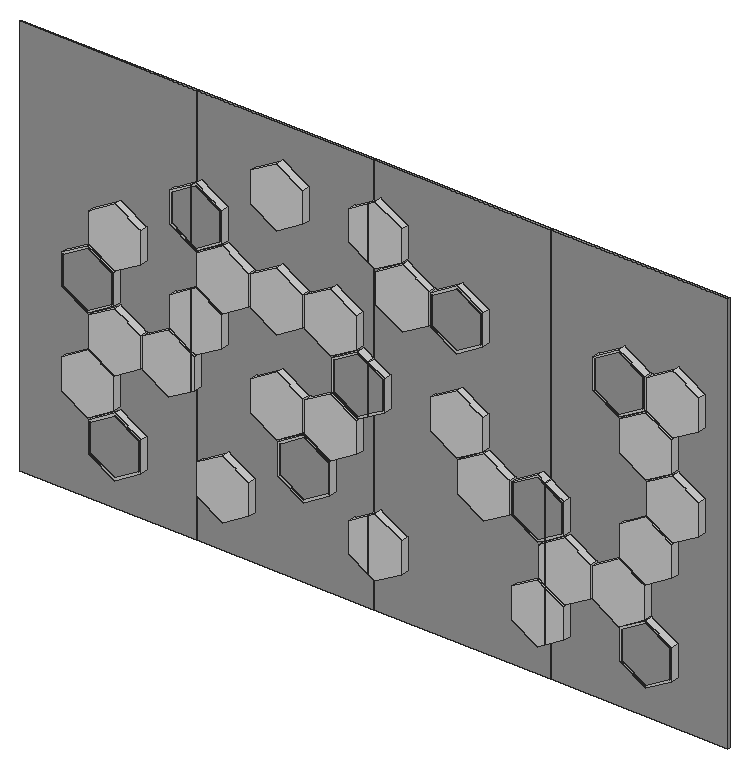
Revit family "SUR-FPG-035_HONEYCOMB_RFA", category Modelos genéricos, Revit 2022 (continued)
Forms (in)
  Extrusion 308, solid, not visible
    sketch origin (-32.38338, 0.00149, -1.20924) x (0, 1, 0) y (0, 0, -1)
      loop
        line (0.96881, 1.14538) -> (0.96881, -1.85462) -> (0.65631, -1.85462) -> (0.65631, -2.35462) -> (0.96881, -2.35462) -> (3.48948, -2.35462) -> (3.48948, -0.60462) -> (4.19814, -0.60462) -> (4.19814, -2.35462) -> (9.23948, -2.35462) -> (9.23948, -0.60462) -> (9.94814, -0.60462) -> (9.94814, -2.35462) -> (14.98948, -2.35462) -> (14.98948, -0.60462) -> (15.69814, -0.60462) -> (15.69814, -2.35462) -> (20.73948, -2.35462) -> (20.73948, -0.60462) -> (21.44814, -0.60462) -> (21.44814, -2.35462) -> (24.28131, -2.35462) -> (24.28131, -1.85462) -> (23.96881, -1.85462) -> (23.96881, 1.14538) -> (0.96881, 1.14538)
    from -3.96341 to -3.49097
  Extrusion 309, solid, not visible
    sketch origin (-26.63338, 0.00149, -1.20924) x (0, 1, 0) y (0, 0, -1)
      loop
        line (0.96881, 1.14538) -> (0.96881, -1.85462) -> (0.65631, -1.85462) -> (0.65631, -2.35462) -> (0.96881, -2.35462) -> (3.48948, -2.35462) -> (3.48948, -0.60462) -> (4.19814, -0.60462) -> (4.19814, -2.35462) -> (9.23948, -2.35462) -> (9.23948, -0.60462) -> (9.94814, -0.60462) -> (9.94814, -2.35462) -> (14.98948, -2.35462) -> (14.98948, -0.60462) -> (15.69814, -0.60462) -> (15.69814, -2.35462) -> (20.73948, -2.35462) -> (20.73948, -0.60462) -> (21.44814, -0.60462) -> (21.44814, -2.35462) -> (24.28131, -2.35462) -> (24.28131, -1.85462) -> (23.96881, -1.85462) -> (23.96881, 1.14538) -> (0.96881, 1.14538)
    from -3.96341 to -3.49097
  Extrusion 310, solid, not visible
    sketch origin (-44, 0, 0) x (1, 0, 0) y (0, 0, 1)
      loop
        line (0.96881, 0.64538) -> (0.96881, -2.35462) -> (3.48948, -2.35462) -> (3.48948, -0.60462) -> (4.19814, -0.60462) -> (4.19814, -2.35462) -> (9.23948, -2.35462) -> (9.23948, -0.60462) -> (9.94814, -0.60462) -> (9.94814, -2.35462) -> (14.98948, -2.35462) -> (14.98948, -0.60462) -> (15.69814, -0.60462) -> (15.69814, -2.35462) -> (20.73948, -2.35462) -> (20.73948, -0.60462) -> (21.44814, -0.60462) -> (21.44814, -2.35462) -> (23.96881, -2.35462) -> (23.96881, 0.64538) -> (24.28131, 0.64538) -> (24.28131, 1.14538) -> (0.65631, 1.14538) -> (0.65631, 0.64538) -> (0.96881, 0.64538)
    from -3.60908 to -3.49097
  Extrusion 311, solid, not visible
    sketch origin (-44, 0, 0) x (1, 0, 0) y (0, 0, 1)
      loop
        line (0.96881, 0.64538) -> (0.96881, -2.35462) -> (3.48948, -2.35462) -> (3.48948, -0.60462) -> (4.19814, -0.60462) -> (4.19814, -2.35462) -> (9.23948, -2.35462) -> (9.23948, -0.60462) -> (9.94814, -0.60462) -> (9.94814, -2.35462) -> (14.98948, -2.35462) -> (14.98948, -0.60462) -> (15.69814, -0.60462) -> (15.69814, -2.35462) -> (20.73948, -2.35462) -> (20.73948, -0.60462) -> (21.44814, -0.60462) -> (21.44814, -2.35462) -> (23.96881, -2.35462) -> (23.96881, 0.64538) -> (24.28131, 0.64538) -> (24.28131, 1.14538) -> (0.65631, 1.14538) -> (0.65631, 0.64538) -> (0.96881, 0.64538)
    from -4.08152 to -3.60908
  Extrusion 312, solid, not visible
    sketch origin (-44, 0, 0) x (1, 0, 0) y (0, 0, 1)
      loop
        line (0.96881, 0.64538) -> (0.96881, -2.35462) -> (3.48948, -2.35462) -> (3.48948, -0.60462) -> (4.19814, -0.60462) -> (4.19814, -2.35462) -> (9.23948, -2.35462) -> (9.23948, -0.60462) -> (9.94814, -0.60462) -> (9.94814, -2.35462) -> (14.98948, -2.35462) -> (14.98948, -0.60462) -> (15.69814, -0.60462) -> (15.69814, -2.35462) -> (20.73948, -2.35462) -> (20.73948, -0.60462) -> (21.44814, -0.60462) -> (21.44814, -2.35462) -> (23.96881, -2.35462) -> (23.96881, 0.64538) -> (24.28131, 0.64538) -> (24.28131, 1.14538) -> (0.65631, 1.14538) -> (0.65631, 0.64538) -> (0.96881, 0.64538)
    from -4.19963 to -4.08152
  Extrusion 313, solid, not visible
    sketch origin (-44.00149, 0.00149, -1.20924) x (0, 1, 0) y (0, 0, -1)
      loop
        line (0.96881, 1.14538) -> (0.96881, -1.85462) -> (0.65631, -1.85462) -> (0.65631, -2.35462) -> (0.96881, -2.35462) -> (3.48948, -2.35462) -> (3.48948, -0.60462) -> (4.19814, -0.60462) -> (4.19814, -2.35462) -> (9.23948, -2.35462) -> (9.23948, -0.60462) -> (9.94814, -0.60462) -> (9.94814, -2.35462) -> (14.98948, -2.35462) -> (14.98948, -0.60462) -> (15.69814, -0.60462) -> (15.69814, -2.35462) -> (20.73948, -2.35462) -> (20.73948, -0.60462) -> (21.44814, -0.60462) -> (21.44814, -2.35462) -> (24.28131, -2.35462) -> (24.28131, -1.85462) -> (23.96881, -1.85462) -> (23.96881, 1.14538) -> (0.96881, 1.14538)
    from -3.60908 to -3.49097
  Extrusion 314, solid, not visible
    sketch origin (-43.88338, 0.00149, -1.20924) x (0, 1, 0) y (0, 0, -1)
      loop
        line (0.96881, 1.14538) -> (0.96881, -1.85462) -> (0.65631, -1.85462) -> (0.65631, -2.35462) -> (0.96881, -2.35462) -> (3.48948, -2.35462) -> (3.48948, -0.60462) -> (4.19814, -0.60462) -> (4.19814, -2.35462) -> (9.23948, -2.35462) -> (9.23948, -0.60462) -> (9.94814, -0.60462) -> (9.94814, -2.35462) -> (14.98948, -2.35462) -> (14.98948, -0.60462) -> (15.69814, -0.60462) -> (15.69814, -2.35462) -> (20.73948, -2.35462) -> (20.73948, -0.60462) -> (21.44814, -0.60462) -> (21.44814, -2.35462) -> (24.28131, -2.35462) -> (24.28131, -1.85462) -> (23.96881, -1.85462) -> (23.96881, 1.14538) -> (0.96881, 1.14538)
    from -3.96341 to -3.49097
  Extrusion 315, solid, not visible
    sketch origin (-44.00149, 0.00149, -1.20924) x (0, 1, 0) y (0, 0, -1)
      loop
        line (0.96881, 1.14538) -> (0.96881, -1.85462) -> (0.65631, -1.85462) -> (0.65631, -2.35462) -> (0.96881, -2.35462) -> (3.48948, -2.35462) -> (3.48948, -0.60462) -> (4.19814, -0.60462) -> (4.19814, -2.35462) -> (9.23948, -2.35462) -> (9.23948, -0.60462) -> (9.94814, -0.60462) -> (9.94814, -2.35462) -> (14.98948, -2.35462) -> (14.98948, -0.60462) -> (15.69814, -0.60462) -> (15.69814, -2.35462) -> (20.73948, -2.35462) -> (20.73948, -0.60462) -> (21.44814, -0.60462) -> (21.44814, -2.35462) -> (24.28131, -2.35462) -> (24.28131, -1.85462) -> (23.96881, -1.85462) -> (23.96881, 1.14538) -> (0.96881, 1.14538)
    from -4.19963 to -4.08152
  Extrusion 316, solid, not visible
    sketch origin (-44, 0, 0) x (1, 0, 0) y (0, 0, 1)
      loop
        line (0.96881, 0.64538) -> (0.96881, -2.35462) -> (3.48948, -2.35462) -> (3.48948, -0.60462) -> (4.19814, -0.60462) -> (4.19814, -2.35462) -> (9.23948, -2.35462) -> (9.23948, -0.60462) -> (9.94814, -0.60462) -> (9.94814, -2.35462) -> (14.98948, -2.35462) -> (14.98948, -0.60462) -> (15.69814, -0.60462) -> (15.69814, -2.35462) -> (20.73948, -2.35462) -> (20.73948, -0.60462) -> (21.44814, -0.60462) -> (21.44814, -2.35462) -> (23.96881, -2.35462) -> (23.96881, 0.64538) -> (24.28131, 0.64538) -> (24.28131, 1.14538) -> (0.65631, 1.14538) -> (0.65631, 0.64538) -> (0.96881, 0.64538)
    from -9.94963 to -9.83152
  Extrusion 317, solid, not visible
    sketch origin (-44, 0, 0) x (1, 0, 0) y (0, 0, 1)
      loop
        line (0.96881, 0.64538) -> (0.96881, -2.35462) -> (3.48948, -2.35462) -> (3.48948, -0.60462) -> (4.19814, -0.60462) -> (4.19814, -2.35462) -> (9.23948, -2.35462) -> (9.23948, -0.60462) -> (9.94814, -0.60462) -> (9.94814, -2.35462) -> (14.98948, -2.35462) -> (14.98948, -0.60462) -> (15.69814, -0.60462) -> (15.69814, -2.35462) -> (20.73948, -2.35462) -> (20.73948, -0.60462) -> (21.44814, -0.60462) -> (21.44814, -2.35462) -> (23.96881, -2.35462) -> (23.96881, 0.64538) -> (24.28131, 0.64538) -> (24.28131, 1.14538) -> (0.65631, 1.14538) -> (0.65631, 0.64538) -> (0.96881, 0.64538)
    from -9.35908 to -9.24097
  Extrusion 318, solid, not visible
    sketch origin (-44, 0, 0) x (1, 0, 0) y (0, 0, 1)
      loop
        line (0.96881, 0.64538) -> (0.96881, -2.35462) -> (3.48948, -2.35462) -> (3.48948, -0.60462) -> (4.19814, -0.60462) -> (4.19814, -2.35462) -> (9.23948, -2.35462) -> (9.23948, -0.60462) -> (9.94814, -0.60462) -> (9.94814, -2.35462) -> (14.98948, -2.35462) -> (14.98948, -0.60462) -> (15.69814, -0.60462) -> (15.69814, -2.35462) -> (20.73948, -2.35462) -> (20.73948, -0.60462) -> (21.44814, -0.60462) -> (21.44814, -2.35462) -> (23.96881, -2.35462) -> (23.96881, 0.64538) -> (24.28131, 0.64538) -> (24.28131, 1.14538) -> (0.65631, 1.14538) -> (0.65631, 0.64538) -> (0.96881, 0.64538)
    from -9.83152 to -9.35908
  Extrusion 319, solid, not visible
    sketch origin (-44, 0, 0) x (1, 0, 0) y (0, 0, 1)
      loop
        line (0.96881, 0.64538) -> (0.96881, -2.35462) -> (3.48948, -2.35462) -> (3.48948, -0.60462) -> (4.19814, -0.60462) -> (4.19814, -2.35462) -> (9.23948, -2.35462) -> (9.23948, -0.60462) -> (9.94814, -0.60462) -> (9.94814, -2.35462) -> (14.98948, -2.35462) -> (14.98948, -0.60462) -> (15.69814, -0.60462) -> (15.69814, -2.35462) -> (20.73948, -2.35462) -> (20.73948, -0.60462) -> (21.44814, -0.60462) -> (21.44814, -2.35462) -> (23.96881, -2.35462) -> (23.96881, 0.64538) -> (24.28131, 0.64538) -> (24.28131, 1.14538) -> (0.65631, 1.14538) -> (0.65631, 0.64538) -> (0.96881, 0.64538)
    from -15.69963 to -15.58152
  Extrusion 320, solid, not visible
    sketch origin (-44, 0, 0) x (1, 0, 0) y (0, 0, 1)
      loop
        line (0.96881, 0.64538) -> (0.96881, -2.35462) -> (3.48948, -2.35462) -> (3.48948, -0.60462) -> (4.19814, -0.60462) -> (4.19814, -2.35462) -> (9.23948, -2.35462) -> (9.23948, -0.60462) -> (9.94814, -0.60462) -> (9.94814, -2.35462) -> (14.98948, -2.35462) -> (14.98948, -0.60462) -> (15.69814, -0.60462) -> (15.69814, -2.35462) -> (20.73948, -2.35462) -> (20.73948, -0.60462) -> (21.44814, -0.60462) -> (21.44814, -2.35462) -> (23.96881, -2.35462) -> (23.96881, 0.64538) -> (24.28131, 0.64538) -> (24.28131, 1.14538) -> (0.65631, 1.14538) -> (0.65631, 0.64538) -> (0.96881, 0.64538)
    from -15.10908 to -14.99097
  Extrusion 321, solid, not visible
    sketch origin (-44, 0, 0) x (1, 0, 0) y (0, 0, 1)
      loop
        line (0.96881, 0.64538) -> (0.96881, -2.35462) -> (3.48948, -2.35462) -> (3.48948, -0.60462) -> (4.19814, -0.60462) -> (4.19814, -2.35462) -> (9.23948, -2.35462) -> (9.23948, -0.60462) -> (9.94814, -0.60462) -> (9.94814, -2.35462) -> (14.98948, -2.35462) -> (14.98948, -0.60462) -> (15.69814, -0.60462) -> (15.69814, -2.35462) -> (20.73948, -2.35462) -> (20.73948, -0.60462) -> (21.44814, -0.60462) -> (21.44814, -2.35462) -> (23.96881, -2.35462) -> (23.96881, 0.64538) -> (24.28131, 0.64538) -> (24.28131, 1.14538) -> (0.65631, 1.14538) -> (0.65631, 0.64538) -> (0.96881, 0.64538)
    from -15.58152 to -15.10908
  Extrusion 322, solid, not visible
    sketch origin (-44, 0, 0) x (1, 0, 0) y (0, 0, 1)
      loop
        line (0.96881, 0.64538) -> (0.96881, -2.35462) -> (3.48948, -2.35462) -> (3.48948, -0.60462) -> (4.19814, -0.60462) -> (4.19814, -2.35462) -> (9.23948, -2.35462) -> (9.23948, -0.60462) -> (9.94814, -0.60462) -> (9.94814, -2.35462) -> (14.98948, -2.35462) -> (14.98948, -0.60462) -> (15.69814, -0.60462) -> (15.69814, -2.35462) -> (20.73948, -2.35462) -> (20.73948, -0.60462) -> (21.44814, -0.60462) -> (21.44814, -2.35462) -> (23.96881, -2.35462) -> (23.96881, 0.64538) -> (24.28131, 0.64538) -> (24.28131, 1.14538) -> (0.65631, 1.14538) -> (0.65631, 0.64538) -> (0.96881, 0.64538)
    from -21.44963 to -21.33152
  Extrusion 323, solid, not visible
    sketch origin (-44, 0, 0) x (1, 0, 0) y (0, 0, 1)
      loop
        line (0.96881, 0.64538) -> (0.96881, -2.35462) -> (3.48948, -2.35462) -> (3.48948, -0.60462) -> (4.19814, -0.60462) -> (4.19814, -2.35462) -> (9.23948, -2.35462) -> (9.23948, -0.60462) -> (9.94814, -0.60462) -> (9.94814, -2.35462) -> (14.98948, -2.35462) -> (14.98948, -0.60462) -> (15.69814, -0.60462) -> (15.69814, -2.35462) -> (20.73948, -2.35462) -> (20.73948, -0.60462) -> (21.44814, -0.60462) -> (21.44814, -2.35462) -> (23.96881, -2.35462) -> (23.96881, 0.64538) -> (24.28131, 0.64538) -> (24.28131, 1.14538) -> (0.65631, 1.14538) -> (0.65631, 0.64538) -> (0.96881, 0.64538)
    from -20.85908 to -20.74097
  Extrusion 324, solid, not visible
    sketch origin (-44, 0, 0) x (1, 0, 0) y (0, 0, 1)
      loop
        line (0.96881, 0.64538) -> (0.96881, -2.35462) -> (3.48948, -2.35462) -> (3.48948, -0.60462) -> (4.19814, -0.60462) -> (4.19814, -2.35462) -> (9.23948, -2.35462) -> (9.23948, -0.60462) -> (9.94814, -0.60462) -> (9.94814, -2.35462) -> (14.98948, -2.35462) -> (14.98948, -0.60462) -> (15.69814, -0.60462) -> (15.69814, -2.35462) -> (20.73948, -2.35462) -> (20.73948, -0.60462) -> (21.44814, -0.60462) -> (21.44814, -2.35462) -> (23.96881, -2.35462) -> (23.96881, 0.64538) -> (24.28131, 0.64538) -> (24.28131, 1.14538) -> (0.65631, 1.14538) -> (0.65631, 0.64538) -> (0.96881, 0.64538)
    from -21.33152 to -20.85908
  Extrusion 325, solid, not visible
    sketch origin (-38.25149, 0.00149, -1.20924) x (0, 1, 0) y (0, 0, -1)
      loop
        line (0.96881, 1.14538) -> (0.96881, -1.85462) -> (0.65631, -1.85462) -> (0.65631, -2.35462) -> (0.96881, -2.35462) -> (3.48948, -2.35462) -> (3.48948, -0.60462) -> (4.19814, -0.60462) -> (4.19814, -2.35462) -> (9.23948, -2.35462) -> (9.23948, -0.60462) -> (9.94814, -0.60462) -> (9.94814, -2.35462) -> (14.98948, -2.35462) -> (14.98948, -0.60462) -> (15.69814, -0.60462) -> (15.69814, -2.35462) -> (20.73948, -2.35462) -> (20.73948, -0.60462) -> (21.44814, -0.60462) -> (21.44814, -2.35462) -> (24.28131, -2.35462) -> (24.28131, -1.85462) -> (23.96881, -1.85462) -> (23.96881, 1.14538) -> (0.96881, 1.14538)
    from -4.19963 to -4.08152
  Extrusion 326, solid, not visible
    sketch origin (-38.84204, 0.00149, -1.20924) x (0, 1, 0) y (0, 0, -1)
      loop
        line (0.96881, 1.14538) -> (0.96881, -1.85462) -> (0.65631, -1.85462) -> (0.65631, -2.35462) -> (0.96881, -2.35462) -> (3.48948, -2.35462) -> (3.48948, -0.60462) -> (4.19814, -0.60462) -> (4.19814, -2.35462) -> (9.23948, -2.35462) -> (9.23948, -0.60462) -> (9.94814, -0.60462) -> (9.94814, -2.35462) -> (14.98948, -2.35462) -> (14.98948, -0.60462) -> (15.69814, -0.60462) -> (15.69814, -2.35462) -> (20.73948, -2.35462) -> (20.73948, -0.60462) -> (21.44814, -0.60462) -> (21.44814, -2.35462) -> (24.28131, -2.35462) -> (24.28131, -1.85462) -> (23.96881, -1.85462) -> (23.96881, 1.14538) -> (0.96881, 1.14538)
    from -4.19963 to -4.08152
  Extrusion 327, solid, not visible
    sketch origin (-32.50149, 0.00149, -1.20924) x (0, 1, 0) y (0, 0, -1)
      loop
        line (0.96881, 1.14538) -> (0.96881, -1.85462) -> (0.65631, -1.85462) -> (0.65631, -2.35462) -> (0.96881, -2.35462) -> (3.48948, -2.35462) -> (3.48948, -0.60462) -> (4.19814, -0.60462) -> (4.19814, -2.35462) -> (9.23948, -2.35462) -> (9.23948, -0.60462) -> (9.94814, -0.60462) -> (9.94814, -2.35462) -> (14.98948, -2.35462) -> (14.98948, -0.60462) -> (15.69814, -0.60462) -> (15.69814, -2.35462) -> (20.73948, -2.35462) -> (20.73948, -0.60462) -> (21.44814, -0.60462) -> (21.44814, -2.35462) -> (24.28131, -2.35462) -> (24.28131, -1.85462) -> (23.96881, -1.85462) -> (23.96881, 1.14538) -> (0.96881, 1.14538)
    from -4.19963 to -4.08152
  Extrusion 328, solid, not visible
    sketch origin (-33.09204, 0.00149, -1.20924) x (0, 1, 0) y (0, 0, -1)
      loop
        line (0.96881, 1.14538) -> (0.96881, -1.85462) -> (0.65631, -1.85462) -> (0.65631, -2.35462) -> (0.96881, -2.35462) -> (3.48948, -2.35462) -> (3.48948, -0.60462) -> (4.19814, -0.60462) -> (4.19814, -2.35462) -> (9.23948, -2.35462) -> (9.23948, -0.60462) -> (9.94814, -0.60462) -> (9.94814, -2.35462) -> (14.98948, -2.35462) -> (14.98948, -0.60462) -> (15.69814, -0.60462) -> (15.69814, -2.35462) -> (20.73948, -2.35462) -> (20.73948, -0.60462) -> (21.44814, -0.60462) -> (21.44814, -2.35462) -> (24.28131, -2.35462) -> (24.28131, -1.85462) -> (23.96881, -1.85462) -> (23.96881, 1.14538) -> (0.96881, 1.14538)
    from -4.19963 to -4.08152
  Extrusion 329, solid, not visible
    sketch origin (-27.34204, 0.00149, -1.20924) x (0, 1, 0) y (0, 0, -1)
      loop
        line (0.96881, 1.14538) -> (0.96881, -1.85462) -> (0.65631, -1.85462) -> (0.65631, -2.35462) -> (0.96881, -2.35462) -> (3.48948, -2.35462) -> (3.48948, -0.60462) -> (4.19814, -0.60462) -> (4.19814, -2.35462) -> (9.23948, -2.35462) -> (9.23948, -0.60462) -> (9.94814, -0.60462) -> (9.94814, -2.35462) -> (14.98948, -2.35462) -> (14.98948, -0.60462) -> (15.69814, -0.60462) -> (15.69814, -2.35462) -> (20.73948, -2.35462) -> (20.73948, -0.60462) -> (21.44814, -0.60462) -> (21.44814, -2.35462) -> (24.28131, -2.35462) -> (24.28131, -1.85462) -> (23.96881, -1.85462) -> (23.96881, 1.14538) -> (0.96881, 1.14538)
    from -4.19963 to -4.08152
  Extrusion 330, solid, not visible
    sketch origin (-26.75149, 0.00149, -1.20924) x (0, 1, 0) y (0, 0, -1)
      loop
        line (0.96881, 1.14538) -> (0.96881, -1.85462) -> (0.65631, -1.85462) -> (0.65631, -2.35462) -> (0.96881, -2.35462) -> (3.48948, -2.35462) -> (3.48948, -0.60462) -> (4.19814, -0.60462) -> (4.19814, -2.35462) -> (9.23948, -2.35462) -> (9.23948, -0.60462) -> (9.94814, -0.60462) -> (9.94814, -2.35462) -> (14.98948, -2.35462) -> (14.98948, -0.60462) -> (15.69814, -0.60462) -> (15.69814, -2.35462) -> (20.73948, -2.35462) -> (20.73948, -0.60462) -> (21.44814, -0.60462) -> (21.44814, -2.35462) -> (24.28131, -2.35462) -> (24.28131, -1.85462) -> (23.96881, -1.85462) -> (23.96881, 1.14538) -> (0.96881, 1.14538)
    from -4.19963 to -4.08152
  Extrusion 331, solid, not visible
    sketch origin (-38.13338, 0.00149, -1.20924) x (0, 1, 0) y (0, 0, -1)
      loop
        line (0.96881, 1.14538) -> (0.96881, -1.85462) -> (0.65631, -1.85462) -> (0.65631, -2.35462) -> (0.96881, -2.35462) -> (3.48948, -2.35462) -> (3.48948, -0.60462) -> (4.19814, -0.60462) -> (4.19814, -2.35462) -> (9.23948, -2.35462) -> (9.23948, -0.60462) -> (9.94814, -0.60462) -> (9.94814, -2.35462) -> (14.98948, -2.35462) -> (14.98948, -0.60462) -> (15.69814, -0.60462) -> (15.69814, -2.35462) -> (20.73948, -2.35462) -> (20.73948, -0.60462) -> (21.44814, -0.60462) -> (21.44814, -2.35462) -> (24.28131, -2.35462) -> (24.28131, -1.85462) -> (23.96881, -1.85462) -> (23.96881, 1.14538) -> (0.96881, 1.14538)
    from -3.96341 to -3.49097
  Extrusion 332, solid, not visible
    sketch origin (-32.38338, 0.00149, -1.20924) x (0, 1, 0) y (0, 0, -1)
      loop
        line (0.96881, 1.14538) -> (0.96881, -1.85462) -> (0.65631, -1.85462) -> (0.65631, -2.35462) -> (0.96881, -2.35462) -> (3.48948, -2.35462) -> (3.48948, -0.60462) -> (4.19814, -0.60462) -> (4.19814, -2.35462) -> (9.23948, -2.35462) -> (9.23948, -0.60462) -> (9.94814, -0.60462) -> (9.94814, -2.35462) -> (14.98948, -2.35462) -> (14.98948, -0.60462) -> (15.69814, -0.60462) -> (15.69814, -2.35462) -> (20.73948, -2.35462) -> (20.73948, -0.60462) -> (21.44814, -0.60462) -> (21.44814, -2.35462) -> (24.28131, -2.35462) -> (24.28131, -1.85462) -> (23.96881, -1.85462) -> (23.96881, 1.14538) -> (0.96881, 1.14538)
    from -3.96341 to -3.49097
  Extrusion 333, solid, not visible
    sketch origin (-26.63338, 0.00149, -1.20924) x (0, 1, 0) y (0, 0, -1)
      loop
        line (0.96881, 1.14538) -> (0.96881, -1.85462) -> (0.65631, -1.85462) -> (0.65631, -2.35462) -> (0.96881, -2.35462) -> (3.48948, -2.35462) -> (3.48948, -0.60462) -> (4.19814, -0.60462) -> (4.19814, -2.35462) -> (9.23948, -2.35462) -> (9.23948, -0.60462) -> (9.94814, -0.60462) -> (9.94814, -2.35462) -> (14.98948, -2.35462) -> (14.98948, -0.60462) -> (15.69814, -0.60462) -> (15.69814, -2.35462) -> (20.73948, -2.35462) -> (20.73948, -0.60462) -> (21.44814, -0.60462) -> (21.44814, -2.35462) -> (24.28131, -2.35462) -> (24.28131, -1.85462) -> (23.96881, -1.85462) -> (23.96881, 1.14538) -> (0.96881, 1.14538)
    from -3.96341 to -3.49097
  Extrusion 334, solid, not visible
    sketch origin (0, 0, 0) x (1, 0, 0) y (0, 1, 0)
      loop
        line (0, 0.11811) -> (0, 0) -> (48, 0) -> (48, 0.11811) -> (0, 0.11811)
    from 0 to 108
  Extrusion 335, solid, not visible
    sketch origin (0, 0, 0) x (1, 0, 0) y (0, 1, 0)
      loop
        line (0, 0.59055) -> (0, 0.11811) -> (48, 0.11811) -> (48, 0.59055) -> (0, 0.59055)
    from 0 to 108
  Extrusion 336, solid, not visible
    sketch origin (20.06218, -10.5, 0) x (0.5, 0.866025, 0) y (-0.866025, 0.5, 0)
      loop
        line (26.12436, 24.24871) -> (1.87564, 24.24871) -> (0, 21) -> (12.12436, 0) -> (36.37307, 0) -> (38.24871, 3.24871) -> (26.12436, 24.24871)
      loop
        line (35.82754, 0.94488) -> (37.15766, 3.24871) -> (25.57883, 23.30383) -> (2.42117, 23.30383) -> (1.09106, 21) -> (12.66988, 0.94488) -> (35.82754, 0.94488)
    from 0 to 10
  Extrusion 337, solid, not visible
    sketch origin (18.18653, 13.74871, 0) x (-0.5, 0.866025, 0) y (-0.866025, -0.5, 0)
      loop
        line (26.12436, 24.24871) -> (1.87564, 24.24871) -> (0, 21) -> (12.12436, 0) -> (36.37307, 0) -> (38.24871, 3.24871) -> (26.12436, 24.24871)
      loop
        line (35.82754, 0.94488) -> (37.15766, 3.24871) -> (25.57883, 23.30383) -> (2.42117, 23.30383) -> (1.09106, 21) -> (12.66988, 0.94488) -> (35.82754, 0.94488)
    from 0 to 10
  Extrusion 338, solid, not visible
    sketch origin (-23.81347, -10.5, 0) x (-0.5, 0.866025, 0) y (-0.866025, -0.5, 0)
      loop
        line (26.12436, -24.24871) -> (38.24871, -3.24871) -> (36.37307, 0) -> (12.12436, 0) -> (0, -21) -> (1.87564, -24.24871) -> (26.12436, -24.24871)
      loop
        line (35.82754, -0.94488) -> (12.66988, -0.94488) -> (1.09106, -21) -> (2.42117, -23.30383) -> (25.57883, -23.30383) -> (37.15766, -3.24871) -> (35.82754, -0.94488)
    from 0 to 10
  Extrusion 339, solid, not visible
    sketch origin (20.06218, 10.5, 0) x (0.5, -0.866025, 0) y (0.866025, 0.5, 0)
      loop
        line (26.12436, -24.24871) -> (38.24871, -3.24871) -> (36.37307, 0) -> (12.12436, 0) -> (0, -21) -> (1.87564, -24.24871) -> (26.12436, -24.24871)
      loop
        line (35.82754, -0.94488) -> (12.66988, -0.94488) -> (1.09106, -21) -> (2.42117, -23.30383) -> (25.57883, -23.30383) -> (37.15766, -3.24871) -> (35.82754, -0.94488)
    from 0 to 10
  Extrusion 340, solid, not visible
    sketch origin (18.18653, -13.74871, 0) x (-0.5, -0.866025, 0) y (0.866025, -0.5, 0)
      loop
        line (26.12436, -24.24871) -> (38.24871, -3.24871) -> (36.37307, 0) -> (12.12436, 0) -> (0, -21) -> (1.87564, -24.24871) -> (26.12436, -24.24871)
      loop
        line (35.82754, -0.94488) -> (12.66988, -0.94488) -> (1.09106, -21) -> (2.42117, -23.30383) -> (25.57883, -23.30383) -> (37.15766, -3.24871) -> (35.82754, -0.94488)
    from 0 to 10
  Extrusion 341, solid, not visible
    sketch origin (-23.81347, 10.5, 0) x (-0.5, -0.866025, 0) y (0.866025, -0.5, 0)
      loop
        line (26.12436, 24.24871) -> (1.87564, 24.24871) -> (0, 21) -> (12.12436, 0) -> (36.37307, 0) -> (38.24871, 3.24871) -> (26.12436, 24.24871)
      loop
        line (35.82754, 0.94488) -> (37.15766, 3.24871) -> (25.57883, 23.30383) -> (2.42117, 23.30383) -> (1.09106, 21) -> (12.66988, 0.94488) -> (35.82754, 0.94488)
    from 0 to 10
  Extrusion 342, solid, not visible
    sketch origin (-21.93782, 13.74871, 0) x (0.5, 0.866025, 0) y (-0.866025, 0.5, 0)
      loop
        line (26.12436, 24.24871) -> (1.87564, 24.24871) -> (0, 21) -> (12.12436, 0) -> (36.37307, 0) -> (38.24871, 3.24871) -> (26.12436, 24.24871)
      loop
        line (35.82754, 0.94488) -> (37.15766, 3.24871) -> (25.57883, 23.30383) -> (2.42117, 23.30383) -> (1.09106, 21) -> (12.66988, 0.94488) -> (35.82754, 0.94488)
    from 0 to 10
  Extrusion 343, solid, not visible
    sketch origin (-21.94005, -13.75, 0) x (0.5, -0.866025, 0) y (0.866025, 0.5, 0)
      loop
        line (26.12436, -24.24871) -> (38.24871, -3.24871) -> (36.37307, 0) -> (12.12436, 0) -> (0, -21) -> (1.87564, -24.24871) -> (26.12436, -24.24871)
      loop
        line (35.82754, -0.94488) -> (12.66988, -0.94488) -> (1.09106, -21) -> (2.42117, -23.30383) -> (25.57883, -23.30383) -> (37.15766, -3.24871) -> (35.82754, -0.94488)
    from 0 to 10
  Extrusion 344, solid, not visible
    sketch origin (60.18877, 10.50129, 0) x (-0.5, -0.866025, 0) y (0.866025, -0.5, 0)
      loop
        line (26.12436, -24.24871) -> (38.24871, -3.24871) -> (36.37307, 0) -> (12.12436, 0) -> (0, -21) -> (1.87564, -24.24871) -> (26.12436, -24.24871)
      loop
        line (35.82754, -0.94488) -> (12.66988, -0.94488) -> (1.09106, -21) -> (2.42117, -23.30383) -> (25.57883, -23.30383) -> (37.15766, -3.24871) -> (35.82754, -0.94488)
    from 0 to 10
  Extrusion 345, solid, not visible
    sketch origin (-2.92322, 3.37295, 0) x (1, 0, 0) y (0, 1, 0)
      loop
        circle (21.56983, 21.96091) r 24.5
      loop
        circle (21.56983, 21.96091) r 23.5
    from 0 to 8
  Extrusion 346, solid, not visible
    sketch origin (0, 0, 0) x (1, 0, 0) y (0, 1, 0)
      loop
        circle (331.30201, 30.00794) r 2.50503
      loop
        circle (331.30201, 30.00794) r 2
    from 1.91103 to 2.63408
  Extrusion 347, solid, not visible
    sketch origin (0, 0, 0) x (1, 0, 0) y (0, 1, 0)
      loop
        circle (331.30201, 30.00794) r 2
    from 1.94644 to 2.58052
  Extrusion 348, solid, not visible
    sketch origin (-2.92322, 3.37295, 0) x (1, 0, 0) y (0, 1, 0)
      loop
        circle (21.56983, 21.96091) r 24.5
      loop
        circle (21.56983, 21.96091) r 23.5
    from -0.08187 to 4
  Extrusion 349, solid, not visible
    sketch origin (-321.72966, 0, 0) x (1, 0, 0) y (0, 1, 0)
      loop
        circle (316.62627, 25.33386) r 0.25
    from 2.63408 to 42.53135
  Extrusion 350, solid, not visible
    sketch origin (359.03255, 0, 0) x (-1, 0, 0) y (0, -1, 0)
      loop
        circle (316.62627, -25.33386) r 0.25
    from 2.63408 to 42.53135
  Extrusion 351, solid, not visible
    sketch origin (115.24237, 3.37295, 0) x (1, 0, 0) y (0, 1, 0)
      loop
        circle (21.56983, 21.96091) r 24.5
      loop
        circle (21.56983, 21.96091) r 23.5
    from -0.08187 to 4
  Extrusion 352, solid, not visible
    sketch origin (0, 0, 0) x (1, 0, 0) y (0, 1, 0)
      loop
        circle (136.8122, 25.33386) r 23.5
    from 2 to 2.63408
  Extrusion 353, solid, not visible
    sketch origin (-203.06407, 0, 0) x (1, 0, 0) y (0, 1, 0)
      loop
        circle (316.62627, 25.33386) r 0.25
    from 2.63408 to 61.53135
  Extrusion 354, solid, not visible
    sketch origin (476.68846, 0, 0) x (-1, 0, 0) y (0, -1, 0)
      loop
        circle (316.62627, -25.33386) r 0.25
    from 2.63408 to 61.53135
  Extrusion 355, solid, not visible
    sketch origin (218.36157, 3.37295, 0) x (1, 0, 0) y (0, 1, 0)
      loop
        circle (21.56983, 21.96091) r 24.5
      loop
        circle (21.56983, 21.96091) r 23.5
    from -0.08187 to 4
  Extrusion 356, solid, not visible
    sketch origin (218.36157, 3.37295, 0) x (1, 0, 0) y (0, 1, 0)
      loop
        circle (21.56983, 21.96091) r 23.5
      loop
        circle (21.56983, 21.96091) r 23.06194
    from -0.08187 to 1
  Extrusion 357, solid, not visible
    sketch origin (218.36157, 3.37295, 0) x (1, 0, 0) y (0, 1, 0)
      loop
        circle (21.56983, 21.96091) r 23.5
      loop
        circle (21.56983, 21.96091) r 23.06194
    from 1 to 1.5561
  Extrusion 358, solid, not visible
    sketch origin (102.6192, 0, 0) x (1, 0, 0) y (0, 1, 0)
      loop
        circle (137.31131, 25.38631) r 23.5
    from 2 to 2.63408
  Extrusion 359, solid, not visible
    sketch origin (-99.54074, 0, 0) x (1, 0, 0) y (0, 1, 0)
      loop
        circle (316.62627, 25.33386) r 0.25
    from 2.63408 to 77.53135
  Extrusion 360, solid, not visible
    sketch origin (579.40175, 0, 0) x (-1, 0, 0) y (0, -1, 0)
      loop
        circle (316.62627, -25.33386) r 0.25
    from 2.63408 to 77.53135
  Extrusion 361, solid, not visible
    sketch origin (315.15231, 3.37295, 0) x (1, 0, 0) y (0, 1, 0)
      loop
        circle (21.56983, 21.96091) r 24.5
      loop
        circle (21.56983, 21.96091) r 23.5
    from -0.08187 to 4
  Extrusion 362, solid, not visible
    sketch origin (0, 0, 0) x (1, 0, 0) y (0, 1, 0)
      loop
        circle (336.72124, 25.33386) r 23.50089
      loop
        circle (342.14048, 30.00794) r 2.5
      loop
        circle (331.30201, 30.00794) r 2.50503
      loop
        circle (336.72124, 20.60773) r 2.50503
    from 2 to 2.63408
  Extrusion 363, solid, not visible
    sketch origin (0, 0, 0) x (1, 0, 0) y (0, 1, 0)
      loop
        circle (331.30201, 30.00794) r 2.50503
      loop
        circle (331.30201, 30.00794) r 2
    from 1.91103 to 2.63408
  Extrusion 364, solid, not visible
    sketch origin (0, 0, 0) x (1, 0, 0) y (0, 1, 0)
      loop
        circle (331.30201, 30.00794) r 2
    from 1.94644 to 2.58052
  Extrusion 365, solid, not visible
    sketch origin (10.83846, 0, 0) x (1, 0, 0) y (0, 1, 0)
      loop
        circle (331.30201, 30.00794) r 2.50503
      loop
        circle (331.30201, 30.00794) r 2
    from 1.91103 to 2.63408
  Extrusion 366, solid, not visible
    sketch origin (10.83846, 0, 0) x (1, 0, 0) y (0, 1, 0)
      loop
        circle (331.30201, 30.00794) r 2
    from 1.94644 to 2.58052
  Extrusion 367, solid, not visible
    sketch origin (5.41923, -9.38639, 0) x (1, 0, 0) y (0, 1, 0)
      loop
        circle (331.30201, 30.00794) r 2.50503
      loop
        circle (331.30201, 30.00794) r 2
    from 1.91103 to 2.63408
  Extrusion 368, solid, not visible
    sketch origin (5.41923, -9.38639, 0) x (1, 0, 0) y (0, 1, 0)
      loop
        circle (331.30201, 30.00794) r 2
    from 1.94644 to 2.58052
  Extrusion 369, solid, not visible
    sketch origin (-3.15414, 0, 0) x (1, 0, 0) y (0, 1, 0)
      loop
        circle (316.62627, 25.33386) r 0.25
    from 2.63408 to 42.53135
  Extrusion 370, solid, not visible
    sketch origin (676.5984, 0, 0) x (-1, 0, 0) y (0, -1, 0)
      loop
        circle (316.62627, -25.33386) r 0.25
    from 2.63408 to 42.53135
  Extrusion 371, solid, not visible
    sketch origin (108, 0, 0) x (1, 0, 0) y (0, 1, 0)
      loop
        line (0.31701, 108.28341) -> (0.31701, 0.28341) -> (48.31701, 0.28341) -> (48.31701, 108.28341) -> (0.31701, 108.28341)
    from -1.94488 to -0.97244
  Extrusion 372, solid, not visible
    sketch origin (108, 0, 0) x (1, 0, 0) y (0, 1, 0)
      loop
        line (0.31701, 108.28341) -> (0.31701, 80.49268) -> (3.89077, 80.49268) -> (7.42097, 74.53548) -> (3.89232, 68.58088) -> (0.31701, 68.58088) -> (0.31701, 67.77836) -> (0.31701, 12.96152) -> (3.89077, 12.96152) -> (7.42097, 7.00432) -> (3.89232, 1.04972) -> (0.31701, 1.04972) -> (0.31701, 0.28341) -> (48.31701, 0.28341) -> (48.31701, 41.55105) -> (44.79804, 41.55105) -> (41.2694, 47.50562) -> (44.79804, 53.4602) -> (48.31701, 53.4602) -> (48.31701, 55.05105) -> (44.79804, 55.05105) -> (41.26779, 61.00834) -> (44.79317, 66.95742) -> (48.31701, 66.95742) -> (48.31701, 95.57751) -> (44.79804, 95.57751) -> (41.26779, 101.5348) -> (44.79317, 107.48389) -> (48.31701, 107.48389) -> (48.31701, 108.28341) -> (0.31701, 108.28341)
      loop
        line (4.9096, 1.28341) -> (43.72442, 1.28341) -> (40.31701, 7.03341) -> (44.31701, 13.78341) -> (47.31701, 13.78341) -> (47.31701, 40.78341) -> (44.31701, 40.78341) -> (40.31701, 34.03341) -> (44.31701, 27.28341) -> (40.31701, 20.53341) -> (32.31701, 20.53341) -> (28.31701, 27.28341) -> (20.31701, 27.28341) -> (16.31701, 20.53341) -> (8.31701, 20.53341) -> (4.31701, 13.78341) -> (8.31701, 7.03341) -> (4.9096, 1.28341)
      loop
        line (4.31701, 27.28341) -> (8.31701, 34.03341) -> (16.31701, 34.03341) -> (20.31701, 40.78341) -> (28.31701, 40.78341) -> (32.31701, 47.53341) -> (28.31701, 54.28341) -> (20.31701, 54.28341) -> (16.31471, 61.03433) -> (8.31755, 61.03433) -> (4.31635, 67.78341) -> (1.31701, 67.78341) -> (1.31701, 27.28341) -> (4.31701, 27.28341)
      loop
        line (32.31701, 61.03341) -> (40.31701, 61.03341) -> (44.31701, 67.78341) -> (47.31701, 67.78341) -> (47.31701, 94.78341) -> (44.31526, 94.78341) -> (40.31526, 88.03341) -> (32.31701, 88.03341) -> (28.31701, 94.78341) -> (20.31701, 94.78341) -> (16.31701, 88.03341) -> (20.31701, 81.28341) -> (16.31701, 74.53341) -> (20.31701, 67.78341) -> (28.31701, 67.78341) -> (32.31701, 61.03341)
      loop
        line (4.31701, 81.28341) -> (8.31788, 88.03489) -> (4.31701, 94.78341) -> (8.31701, 101.53341) -> (16.31701, 101.53341) -> (19.72442, 107.28341) -> (1.31701, 107.28341) -> (1.31701, 81.28341) -> (4.31701, 81.28341)
      loop
        line (39.86453, 21.32751) -> (43.39395, 27.28341) -> (39.86453, 33.23931) -> (32.76949, 33.23931) -> (29.24007, 27.28341) -> (32.77103, 21.32751) -> (39.86453, 21.32751)
      loop
        line (42.92899, 27.28341) -> (39.63661, 32.83931) -> (32.99741, 32.83931) -> (29.70505, 27.28346) -> (32.9989, 21.72751) -> (39.63661, 21.72751) -> (42.92899, 27.28341)
      loop
        line (15.89307, 61.79839) -> (19.4225, 67.75429) -> (15.89307, 73.7102) -> (8.79804, 73.7102) -> (5.26861, 67.75429) -> (8.79958, 61.79839) -> (15.89307, 61.79839)
      loop
        line (18.95754, 67.75429) -> (15.66515, 73.3102) -> (9.02596, 73.3102) -> (5.7336, 67.75434) -> (9.02745, 62.19839) -> (15.66515, 62.19839) -> (18.95754, 67.75429)
      loop
        line (27.89153, 95.54839) -> (31.42095, 101.50429) -> (27.89153, 107.4602) -> (20.79649, 107.4602) -> (17.26707, 101.50429) -> (20.79804, 95.54839) -> (27.89153, 95.54839)
      loop
        line (30.95599, 101.50429) -> (27.66361, 107.0602) -> (21.02441, 107.0602) -> (17.73205, 101.50434) -> (21.02591, 95.94839) -> (27.66361, 95.94839) -> (30.95599, 101.50429)
      loop
        line (32.31701, 101.53341) -> (40.31701, 101.53341) -> (43.72442, 107.28341) -> (28.9096, 107.28341) -> (32.31701, 101.53341)
      loop
        line (48.31701, 41.95105) -> (48.31701, 53.0602) -> (45.02596, 53.0602) -> (41.73436, 47.50562) -> (45.02596, 41.95105) -> (48.31701, 41.95105)
      loop
        line (44.88681, 1.28341) -> (47.31701, 1.28341) -> (47.31701, 12.78341) -> (44.88681, 12.78341) -> (41.4794, 7.03341) -> (44.88681, 1.28341)
      loop
        line (3.65767, 1.46152) -> (6.94306, 7.00562) -> (3.65767, 12.54972) -> (0.31701, 12.54972) -> (0.31701, 1.46152) -> (3.65767, 1.46152)
      loop
        line (1.31701, 14.78341) -> (3.7472, 14.78341) -> (7.15461, 20.53341) -> (3.7472, 26.28341) -> (1.31701, 26.28341) -> (1.31701, 14.78341)
      loop
        line (48.31701, 66.55105) -> (45.03271, 66.55105) -> (41.74499, 61.00302) -> (45.02884, 55.46152) -> (48.31701, 55.46152) -> (48.31701, 66.55105)
      loop
        line (27.851, 28.08522) -> (31.38042, 34.04112) -> (27.851, 39.99702) -> (20.75596, 39.99702) -> (17.22654, 34.04112) -> (20.7575, 28.08522) -> (27.851, 28.08522)
      loop
        line (30.91546, 34.04112) -> (27.62308, 39.59702) -> (20.98388, 39.59702) -> (17.69152, 34.04117) -> (20.98538, 28.48522) -> (27.62308, 28.48522) -> (30.91546, 34.04112)
      loop
        line (15.86453, 21.32751) -> (19.39395, 27.28341) -> (15.86453, 33.23931) -> (8.76949, 33.23931) -> (5.24007, 27.28341) -> (8.77103, 21.32751) -> (15.86453, 21.32751)
      loop
        line (18.92899, 27.28341) -> (15.63661, 32.83931) -> (8.99741, 32.83931) -> (5.70505, 27.28346) -> (8.9989, 21.72751) -> (15.63661, 21.72751) -> (18.92899, 27.28341)
      loop
        line (15.86453, 75.32751) -> (19.39395, 81.28341) -> (15.86453, 87.23931) -> (8.76949, 87.23931) -> (5.24007, 81.28341) -> (8.77103, 75.32751) -> (15.86453, 75.32751)
      loop
        line (18.92899, 81.28341) -> (15.63661, 86.83931) -> (8.99741, 86.83931) -> (5.70505, 81.28346) -> (8.9989, 75.72751) -> (15.63661, 75.72751) -> (18.92899, 81.28341)
      loop
        line (3.65767, 68.99268) -> (6.94306, 74.53678) -> (3.65767, 80.08088) -> (0.31701, 80.08088) -> (0.31701, 68.99268) -> (3.65767, 68.99268)
      loop
        line (32.88681, 35.03341) -> (39.7472, 35.03341) -> (43.15461, 40.78341) -> (39.7472, 46.53341) -> (32.88681, 46.53341) -> (29.4794, 40.78341) -> (32.88681, 35.03341)
      loop
        line (31.15461, 61.03341) -> (27.7472, 66.78341) -> (20.88681, 66.78341) -> (17.4794, 61.03341) -> (20.88681, 55.28341) -> (27.7472, 55.28341) -> (31.15461, 61.03341)
      loop
        line (39.86453, 48.32751) -> (43.39395, 54.28341) -> (39.86453, 60.23931) -> (32.76949, 60.23931) -> (29.24007, 54.28341) -> (32.77103, 48.32751) -> (39.86453, 48.32751)
      loop
        line (42.92899, 54.28341) -> (39.63661, 59.83931) -> (32.99741, 59.83931) -> (29.70505, 54.28346) -> (32.9989, 48.72751) -> (39.63661, 48.72751) -> (42.92899, 54.28341)
      loop
        line (39.86453, 88.82751) -> (43.39395, 94.78341) -> (39.86453, 100.73931) -> (32.76949, 100.73931) -> (29.24007, 94.78341) -> (32.77103, 88.82751) -> (39.86453, 88.82751)
      loop
        line (42.92899, 94.78341) -> (39.63661, 100.33931) -> (32.99741, 100.33931) -> (29.70505, 94.78346) -> (32.9989, 89.22751) -> (39.63661, 89.22751) -> (42.92899, 94.78341)
      loop
        line (15.86453, 88.82751) -> (19.39395, 94.78341) -> (15.86453, 100.73931) -> (8.76949, 100.73931) -> (5.24007, 94.78341) -> (8.77103, 88.82751) -> (15.86453, 88.82751)
      loop
        line (18.92899, 94.78341) -> (15.63661, 100.33931) -> (8.99741, 100.33931) -> (5.70505, 94.78346) -> (8.9989, 89.22751) -> (15.63661, 89.22751) -> (18.92899, 94.78341)
      loop
        line (48.31701, 107.07751) -> (45.03271, 107.07751) -> (41.74499, 101.52948) -> (45.02884, 95.98799) -> (48.31701, 95.98799) -> (48.31701, 107.07751)
    from -0.97244 to 0
  Extrusion 373, solid, not visible
    sketch origin (54, 0, 0) x (1, 0, 0) y (0, 1, 0)
      loop
        line (0.31701, 108.28341) -> (0.31701, 0.28341) -> (48.31701, 0.28341) -> (48.31701, 108.28341) -> (0.31701, 108.28341)
    from -1.94488 to -0.97244
  Extrusion 374, solid, not visible
    sketch origin (102.63402, 0, 0) x (-1, 0, 0) y (0, -1, 0)
      loop
        line (0.31701, -108.28341) -> (48.31701, -108.28341) -> (48.31701, -66.95742) -> (44.79317, -66.95742) -> (41.26779, -61.00834) -> (44.79804, -55.05105) -> (48.31701, -55.05105) -> (48.31701, -53.4602) -> (44.79804, -53.4602) -> (41.2694, -47.50562) -> (44.79804, -41.55105) -> (48.31701, -41.55105) -> (48.31701, -12.96152) -> (44.79728, -12.96152) -> (41.26786, -7.00562) -> (44.79807, -1.04838) -> (48.31701, -1.04838) -> (48.31701, -0.28341) -> (0.31701, -0.28341) -> (0.31701, -1.04972) -> (3.89232, -1.04972) -> (7.42097, -7.00432) -> (3.89077, -12.96152) -> (0.31701, -12.96152) -> (0.31701, -67.77836) -> (0.31701, -68.58088) -> (3.89232, -68.58088) -> (7.42097, -74.53548) -> (3.89077, -80.49268) -> (0.31701, -80.49268) -> (0.31701, -108.28341)
      loop
        line (4.9096, -1.28341) -> (8.31701, -7.03341) -> (16.31701, -7.03341) -> (20.31701, -13.78341) -> (28.31701, -13.78341) -> (32.31701, -7.03341) -> (40.31701, -7.03341) -> (43.72442, -1.28341) -> (4.9096, -1.28341)
      loop
        line (8.31701, -20.53341) -> (4.31701, -27.28341) -> (1.31701, -27.28341) -> (1.31701, -67.78341) -> (4.31635, -67.78341) -> (8.31755, -61.03433) -> (4.31701, -54.28341) -> (8.31701, -47.53341) -> (16.31701, -47.53341) -> (20.31701, -40.78341) -> (16.31701, -34.03341) -> (20.31701, -27.28341) -> (16.31701, -20.53341) -> (8.31701, -20.53341)
      loop
        line (20.31701, -54.28341) -> (16.31613, -61.03194) -> (20.31701, -67.78341) -> (16.31701, -74.53341) -> (20.31701, -81.28341) -> (28.31526, -81.28341) -> (32.31701, -74.53341) -> (28.31701, -67.78341) -> (32.31701, -61.03341) -> (40.31701, -61.03341) -> (44.31701, -54.28341) -> (40.31701, -47.53341) -> (44.31701, -40.78341) -> (47.31701, -40.78341) -> (47.31701, -13.78341) -> (44.31701, -13.78341) -> (40.31701, -20.53341) -> (32.31701, -20.53341) -> (28.31701, -27.28341) -> (32.31701, -34.03341) -> (28.31701, -40.78341) -> (32.31701, -47.53341) -> (28.31701, -54.28341) -> (20.31701, -54.28341)
      loop
        line (4.31701, -81.28341) -> (1.31701, -81.28341) -> (1.31701, -107.28341) -> (19.72442, -107.28341) -> (16.31701, -101.53341) -> (20.31701, -94.78341) -> (16.31701, -88.03341) -> (8.31701, -88.03341) -> (4.31701, -81.28341)
      loop
        line (28.31701, -94.78341) -> (32.31701, -101.53341) -> (28.9096, -107.28341) -> (43.72442, -107.28341) -> (40.31701, -101.53341) -> (44.31701, -94.78341) -> (47.31701, -94.78341) -> (47.31701, -67.78341) -> (44.31701, -67.78341) -> (40.31701, -74.53341) -> (44.31701, -81.28341) -> (40.31526, -88.03341) -> (32.31701, -88.03341) -> (28.31701, -94.78341)
      loop
        line (27.89232, -14.54972) -> (20.79882, -14.54972) -> (17.26786, -20.50562) -> (20.79728, -26.46152) -> (27.89232, -26.46152) -> (31.42174, -20.50562) -> (27.89232, -14.54972)
      loop
        line (30.95678, -20.50562) -> (27.6644, -14.94972) -> (21.02669, -14.94972) -> (17.73284, -20.50567) -> (21.0252, -26.06152) -> (27.6644, -26.06152) -> (30.95678, -20.50562)
      loop
        line (15.89307, -61.79839) -> (8.79958, -61.79839) -> (5.26861, -67.75429) -> (8.79804, -73.7102) -> (15.89307, -73.7102) -> (19.4225, -67.75429) -> (15.89307, -61.79839)
      loop
        line (18.95754, -67.75429) -> (15.66515, -62.19839) -> (9.02745, -62.19839) -> (5.7336, -67.75434) -> (9.02596, -73.3102) -> (15.66515, -73.3102) -> (18.95754, -67.75429)
      loop
        line (27.89153, -95.54839) -> (20.79804, -95.54839) -> (17.26707, -101.50429) -> (20.79649, -107.4602) -> (27.89153, -107.4602) -> (31.42095, -101.50429) -> (27.89153, -95.54839)
      loop
        line (30.95599, -101.50429) -> (27.66361, -95.94839) -> (21.02591, -95.94839) -> (17.73205, -101.50434) -> (21.02441, -107.0602) -> (27.66361, -107.0602) -> (30.95599, -101.50429)
      loop
        line (44.88681, -107.28341) -> (47.31701, -107.28341) -> (47.31701, -95.78341) -> (44.88681, -95.78341) -> (41.4794, -101.53341) -> (44.88681, -107.28341)
      loop
        line (48.31701, -41.95105) -> (45.02596, -41.95105) -> (41.73436, -47.50562) -> (45.02596, -53.0602) -> (48.31701, -53.0602) -> (48.31701, -41.95105)
      loop
        line (45.01834, -1.46131) -> (41.73282, -7.00562) -> (45.01812, -12.54958) -> (48.31701, -12.54958) -> (48.31701, -1.46131) -> (45.01834, -1.46131)
      loop
        line (3.65767, -1.46152) -> (0.31701, -1.46152) -> (0.31701, -12.54972) -> (3.65767, -12.54972) -> (6.94306, -7.00562) -> (3.65767, -1.46152)
      loop
        line (1.31701, -14.78341) -> (1.31701, -26.28341) -> (3.7472, -26.28341) -> (7.15461, -20.53341) -> (3.7472, -14.78341) -> (1.31701, -14.78341)
      loop
        line (48.31701, -66.55105) -> (48.31701, -55.46152) -> (45.02884, -55.46152) -> (41.74499, -61.00302) -> (45.03271, -66.55105) -> (48.31701, -66.55105)
      loop
        line (27.851, -28.08522) -> (20.7575, -28.08522) -> (17.22654, -34.04112) -> (20.75596, -39.99702) -> (27.851, -39.99702) -> (31.38042, -34.04112) -> (27.851, -28.08522)
      loop
        line (30.91546, -34.04112) -> (27.62308, -28.48522) -> (20.98538, -28.48522) -> (17.69152, -34.04117) -> (20.98388, -39.59702) -> (27.62308, -39.59702) -> (30.91546, -34.04112)
      loop
        line (15.86453, -48.32751) -> (8.77103, -48.32751) -> (5.24007, -54.28341) -> (8.76949, -60.23931) -> (15.86453, -60.23931) -> (19.39395, -54.28341) -> (15.86453, -48.32751)
      loop
        line (18.92899, -54.28341) -> (15.63661, -48.72751) -> (8.9989, -48.72751) -> (5.70505, -54.28346) -> (8.99741, -59.83931) -> (15.63661, -59.83931) -> (18.92899, -54.28341)
      loop
        line (15.86453, -7.82751) -> (8.77103, -7.82751) -> (5.24007, -13.78341) -> (8.76949, -19.73931) -> (15.86453, -19.73931) -> (19.39395, -13.78341) -> (15.86453, -7.82751)
      loop
        line (18.92899, -13.78341) -> (15.63661, -8.22751) -> (8.9989, -8.22751) -> (5.70505, -13.78346) -> (8.99741, -19.33931) -> (15.63661, -19.33931) -> (18.92899, -13.78341)
      loop
        line (39.86453, -7.82751) -> (32.77103, -7.82751) -> (29.24007, -13.78341) -> (32.76949, -19.73931) -> (39.86453, -19.73931) -> (43.39395, -13.78341) -> (39.86453, -7.82751)
      loop
        line (42.92899, -13.78341) -> (39.63661, -8.22751) -> (32.9989, -8.22751) -> (29.70505, -13.78346) -> (32.99741, -19.33931) -> (39.63661, -19.33931) -> (42.92899, -13.78341)
      loop
        line (39.86453, -75.32751) -> (32.77103, -75.32751) -> (29.24007, -81.28341) -> (32.76949, -87.23931) -> (39.86453, -87.23931) -> (43.39395, -81.28341) -> (39.86453, -75.32751)
      loop
        line (42.92899, -81.28341) -> (39.63661, -75.72751) -> (32.9989, -75.72751) -> (29.70505, -81.28346) -> (32.99741, -86.83931) -> (39.63661, -86.83931) -> (42.92899, -81.28341)
      loop
        line (15.86453, -75.32751) -> (8.77103, -75.32751) -> (5.24007, -81.28341) -> (8.76949, -87.23931) -> (15.86453, -87.23931) -> (19.39395, -81.28341) -> (15.86453, -75.32751)
      loop
        line (18.92899, -81.28341) -> (15.63661, -75.72751) -> (8.9989, -75.72751) -> (5.70505, -81.28346) -> (8.99741, -86.83931) -> (15.63661, -86.83931) -> (18.92899, -81.28341)
      loop
        line (31.15461, -88.03341) -> (27.7472, -82.28341) -> (20.88681, -82.28341) -> (17.4794, -88.03341) -> (20.88681, -93.78341) -> (27.7472, -93.78341) -> (31.15461, -88.03341)
      loop
        line (3.65767, -68.99268) -> (0.31701, -68.99268) -> (0.31701, -80.08088) -> (3.65767, -80.08088) -> (6.94306, -74.53678) -> (3.65767, -68.99268)
      loop
        line (27.7472, -53.28341) -> (31.15461, -47.53341) -> (27.7472, -41.78341) -> (20.88681, -41.78341) -> (17.4794, -47.53341) -> (20.88681, -53.28341) -> (27.7472, -53.28341)
      loop
        line (39.7472, -62.03341) -> (32.88681, -62.03341) -> (29.4794, -67.78341) -> (32.88681, -73.53341) -> (39.7472, -73.53341) -> (43.15461, -67.78341) -> (39.7472, -62.03341)
    from -0.97244 to 0
  Extrusion 375, solid, not visible
    sketch origin (0, 0, 0.28341) x (1, 0, 0) y (0, 1, 0)
      loop
        line (0.31701, 108.28341) -> (0.31701, 107.4602) -> (3.89156, 107.4602) -> (7.42324, 101.50048) -> (3.89608, 95.54839) -> (0.31701, 95.54839) -> (0.31701, 94.83076) -> (4.29123, 94.83076) -> (8.29009, 101.57884) -> (4.9096, 107.28341) -> (19.72442, 107.28341) -> (16.37513, 101.63149) -> (20.43325, 94.78341) -> (28.20077, 94.78341) -> (32.25889, 101.63149) -> (28.9096, 107.28341) -> (43.72442, 107.28341) -> (40.37513, 101.63149) -> (44.43325, 94.78341) -> (47.31701, 94.78341) -> (47.31701, 67.78341) -> (44.31701, 67.78341) -> (40.31701, 61.03341) -> (44.31701, 54.28341) -> (40.31701, 47.53341) -> (32.31701, 47.53341) -> (28.31701, 40.78341) -> (32.31701, 34.03341) -> (28.31701, 27.28341) -> (20.31701, 27.28341) -> (16.31701, 20.53341) -> (8.31701, 20.53341) -> (4.31701, 27.28341) -> (1.31701, 27.28341) -> (1.31701, 40.78341) -> (4.31701, 40.78341) -> (8.31701, 34.03341) -> (16.31701, 34.03341) -> (20.31701, 40.78341) -> (16.31701, 47.53341) -> (8.31701, 47.53341) -> (4.31701, 54.28341) -> (8.31701, 61.03341) -> (16.31701, 61.03341) -> (20.31701, 54.28341) -> (28.31701, 54.28341) -> (32.31701, 61.03341) -> (28.31701, 67.78341) -> (20.31701, 67.78341) -> (16.31701, 74.53341) -> (8.31701, 74.53341) -> (4.31701, 81.28341) -> (8.25889, 87.93534) -> (4.29123, 94.63076) -> (0.31701, 94.63076) -> (0.31701, 93.96018) -> (3.89157, 93.96018) -> (7.42073, 88.00472) -> (3.89235, 82.05058) -> (0.31701, 82.05058) -> (0.31701, 66.96018) -> (3.89157, 66.96018) -> (7.42062, 61.00751) -> (3.89087, 55.05105) -> (0.31701, 55.05105) -> (0.31701, 26.46152) -> (3.89077, 26.46152) -> (7.42097, 20.50432) -> (3.89232, 14.54972) -> (0.31701, 14.54972) -> (0.31701, 12.96152) -> (3.89077, 12.96152) -> (7.42097, 7.00432) -> (3.89232, 1.04972) -> (0.31701, 1.04972) -> (0.31701, 0.28341) -> (48.31701, 0.28341) -> (48.31701, 1.04838) -> (44.79807, 1.04838) -> (41.26786, 7.00562) -> (44.79728, 12.96152) -> (48.31701, 12.96152) -> (48.31701, 41.55105) -> (44.79804, 41.55105) -> (41.2694, 47.50562) -> (44.79804, 53.4602) -> (48.31701, 53.4602) -> (48.31701, 55.05105) -> (44.79804, 55.05105) -> (41.26779, 61.00834) -> (44.79317, 66.95742) -> (48.31701, 66.95742) -> (48.31701, 108.28341) -> (0.31701, 108.28341)
      loop
        line (4.9096, 1.28341) -> (43.72442, 1.28341) -> (40.31701, 7.03341) -> (32.31701, 7.03341) -> (28.31701, 13.78341) -> (20.31701, 13.78341) -> (16.31701, 7.03341) -> (8.31701, 7.03341) -> (4.9096, 1.28341)
      loop
        line (8.43325, 88.03341) -> (16.31701, 88.03341) -> (20.25889, 94.68534) -> (16.20077, 101.53341) -> (8.49565, 101.53341) -> (4.46445, 94.73076) -> (8.43325, 88.03341)
      loop
        line (28.37513, 94.68534) -> (32.31701, 88.03341) -> (40.31701, 88.03341) -> (44.25889, 94.68534) -> (40.20077, 101.53341) -> (32.43325, 101.53341) -> (28.37513, 94.68534)
      loop
        line (27.89232, 14.54972) -> (31.42174, 20.50562) -> (27.89232, 26.46152) -> (20.79728, 26.46152) -> (17.26786, 20.50562) -> (20.79882, 14.54972) -> (27.89232, 14.54972)
      loop
        line (30.95678, 20.50562) -> (27.6644, 26.06152) -> (21.0252, 26.06152) -> (17.73284, 20.50567) -> (21.02669, 14.94972) -> (27.6644, 14.94972) -> (30.95678, 20.50562)
      loop
        line (15.89307, 34.79839) -> (19.4225, 40.75429) -> (15.89307, 46.7102) -> (8.79804, 46.7102) -> (5.26861, 40.75429) -> (8.79958, 34.79839) -> (15.89307, 34.79839)
      loop
        line (18.95754, 40.75429) -> (15.66515, 46.3102) -> (9.02596, 46.3102) -> (5.7336, 40.75434) -> (9.02745, 35.19839) -> (15.66515, 35.19839) -> (18.95754, 40.75429)
      loop
        line (15.89307, 61.79839) -> (19.4225, 67.75429) -> (15.89307, 73.7102) -> (8.79804, 73.7102) -> (5.26861, 67.75429) -> (8.79958, 61.79839) -> (15.89307, 61.79839)
      loop
        line (18.95754, 67.75429) -> (15.66515, 73.3102) -> (9.02596, 73.3102) -> (5.7336, 67.75434) -> (9.02745, 62.19839) -> (15.66515, 62.19839) -> (18.95754, 67.75429)
      loop
        line (27.89153, 95.54839) -> (31.42095, 101.50429) -> (27.89153, 107.4602) -> (20.79649, 107.4602) -> (17.26707, 101.50429) -> (20.79804, 95.54839) -> (27.89153, 95.54839)
      loop
        line (30.95599, 101.50429) -> (27.66361, 107.0602) -> (21.02441, 107.0602) -> (17.73205, 101.50434) -> (21.02591, 95.94839) -> (27.66361, 95.94839) -> (30.95599, 101.50429)
      loop
        line (39.89307, 88.79839) -> (43.4225, 94.75429) -> (39.89307, 100.7102) -> (32.79804, 100.7102) -> (29.26861, 94.75429) -> (32.79958, 88.79839) -> (39.89307, 88.79839)
      loop
        line (42.95754, 94.75429) -> (39.66515, 100.3102) -> (33.02596, 100.3102) -> (29.7336, 94.75434) -> (33.02745, 89.19839) -> (39.66515, 89.19839) -> (42.95754, 94.75429)
      loop
        line (27.7472, 66.78341) -> (20.88681, 66.78341) -> (17.4794, 61.03341) -> (20.88681, 55.28341) -> (27.7472, 55.28341) -> (31.15461, 61.03341) -> (27.7472, 66.78341)
      loop
        line (7.15461, 47.53341) -> (3.7472, 53.28341) -> (1.31701, 53.28341) -> (1.31701, 41.78341) -> (3.7472, 41.78341) -> (7.15461, 47.53341)
      loop
        line (32.88681, 46.53341) -> (29.4794, 40.78341) -> (32.88681, 35.03341) -> (39.7472, 35.03341) -> (43.15461, 40.78341) -> (39.7472, 46.53341) -> (32.88681, 46.53341)
      loop
        line (43.15461, 13.78341) -> (39.7472, 19.53341) -> (32.88681, 19.53341) -> (29.4794, 13.78341) -> (32.88681, 8.03341) -> (39.7472, 8.03341) -> (43.15461, 13.78341)
      loop
        line (44.88681, 107.28341) -> (41.4794, 101.53341) -> (44.88681, 95.78341) -> (47.31701, 95.78341) -> (47.31701, 107.28341) -> (44.88681, 107.28341)
      loop
        line (19.15461, 94.78341) -> (15.7472, 100.53341) -> (8.88681, 100.53341) -> (5.4794, 94.78341) -> (8.88681, 89.03341) -> (15.7472, 89.03341) -> (19.15461, 94.78341)
      loop
        line (3.7472, 68.78341) -> (7.15461, 74.53341) -> (3.7472, 80.28341) -> (1.31701, 80.28341) -> (1.31701, 68.78341) -> (3.7472, 68.78341)
      loop
        line (47.31701, 13.78341) -> (47.31701, 40.78341) -> (44.31701, 40.78341) -> (40.31701, 34.03341) -> (44.31701, 27.28341) -> (40.31701, 20.53341) -> (44.31701, 13.78341) -> (47.31701, 13.78341)
      loop
        line (19.15461, 13.78341) -> (15.7472, 19.53341) -> (8.88681, 19.53341) -> (5.4794, 13.78341) -> (8.88681, 8.03341) -> (15.7472, 8.03341) -> (19.15461, 13.78341)
      loop
        line (3.65688, 95.9602) -> (6.94461, 101.50823) -> (3.66076, 107.04972) -> (0.31701, 107.04972) -> (0.31701, 95.9602) -> (3.65688, 95.9602)
      loop
        line (0.31701, 93.55105) -> (0.31701, 82.46019) -> (3.65689, 82.46019) -> (6.94461, 88.00821) -> (3.65996, 93.55105) -> (0.31701, 93.55105)
      loop
        line (48.31701, 41.95105) -> (48.31701, 53.0602) -> (45.02596, 53.0602) -> (41.73436, 47.50562) -> (45.02596, 41.95105) -> (48.31701, 41.95105)
      loop
        line (45.01834, 1.46131) -> (48.31701, 1.46131) -> (48.31701, 12.54958) -> (45.01812, 12.54958) -> (41.73282, 7.00562) -> (45.01834, 1.46131)
      loop
        line (39.89153, 21.30105) -> (43.42095, 27.25695) -> (39.89153, 33.21285) -> (32.79649, 33.21285) -> (29.26707, 27.25695) -> (32.79804, 21.30105) -> (39.89153, 21.30105)
      loop
        line (42.95599, 27.25695) -> (39.66361, 32.81285) -> (33.02441, 32.81285) -> (29.73205, 27.257) -> (33.02591, 21.70105) -> (39.66361, 21.70105) -> (42.95599, 27.25695)
      loop
        line (3.65767, 1.46152) -> (6.94306, 7.00562) -> (3.65767, 12.54972) -> (0.31701, 12.54972) -> (0.31701, 1.46152) -> (3.65767, 1.46152)
      loop
        line (0.31701, 14.9602) -> (3.65843, 14.9602) -> (6.94461, 20.50562) -> (3.65843, 26.05105) -> (0.31701, 26.05105) -> (0.31701, 14.9602)
      loop
        line (3.65699, 55.4602) -> (6.94461, 61.00805) -> (3.65843, 66.55105) -> (0.31701, 66.55105) -> (0.31701, 55.4602) -> (3.65699, 55.4602)
      loop
        line (48.31701, 66.55105) -> (45.03271, 66.55105) -> (41.74499, 61.00302) -> (45.02884, 55.46152) -> (48.31701, 55.46152) -> (48.31701, 66.55105)
    from -0.97244 to 0
  Extrusion 376, solid, not visible
    sketch origin (0, 0, 0) x (1, 0, 0) y (0, 1, 0)
      loop
        line (0.31701, 108.28341) -> (0.31701, 0.28341) -> (48.31701, 0.28341) -> (48.31701, 108.28341) -> (0.31701, 108.28341)
    from -1.94488 to -0.97244
  Extrusion 377, solid, not visible
    sketch origin (0, 0, 0) x (1, 0, 0) y (0, 1, 0)
      loop
        line (0, 96) -> (0, 0) -> (48, 0) -> (48, 96) -> (0, 96)
      loop
        line (46, 2) -> (46, 94) -> (2.00001, 94) -> (2.00001, 2) -> (46, 2)
    from 0 to 6
  Extrusion 378, solid, not visible
    sketch origin (0, 0, 0) x (1, 0, 0) y (0, 1, 0)
      loop
        line (2.00001, 89.47753) -> (2.00001, 88.53265) -> (46, 88.53265) -> (46, 89.47753) -> (2.00001, 89.47753)
      loop
        line (2.00001, 84.01018) -> (2.00001, 83.0653) -> (46, 83.0653) -> (46, 84.01018) -> (2.00001, 84.01018)
      loop
        line (2.00001, 78.54284) -> (2.00001, 77.59795) -> (46, 77.59795) -> (46, 78.54284) -> (2.00001, 78.54284)
      loop
        line (2.00001, 73.07548) -> (2.00001, 72.1306) -> (46, 72.1306) -> (46, 73.07548) -> (2.00001, 73.07548)
      loop
        line (2.00001, 67.60813) -> (2.00001, 66.66325) -> (46, 66.66325) -> (46, 67.60813) -> (2.00001, 67.60813)
      loop
        line (2.00001, 62.14079) -> (2.00001, 61.19591) -> (46, 61.19591) -> (46, 62.14079) -> (2.00001, 62.14079)
      loop
        line (2.00001, 56.67344) -> (2.00001, 55.72856) -> (46, 55.72856) -> (46, 56.67344) -> (2.00001, 56.67344)
      loop
        line (2.00001, 51.20609) -> (2.00001, 50.2612) -> (46, 50.2612) -> (46, 51.20609) -> (2.00001, 51.20609)
      loop
        line (2.00001, 45.73874) -> (2.00001, 44.79386) -> (46, 44.79386) -> (46, 45.73874) -> (2.00001, 45.73874)
      loop
        line (2.00001, 40.27139) -> (2.00001, 39.32651) -> (46, 39.32651) -> (46, 40.27139) -> (2.00001, 40.27139)
      loop
        line (2.00001, 34.80404) -> (2.00001, 33.85916) -> (46, 33.85916) -> (46, 34.80404) -> (2.00001, 34.80404)
